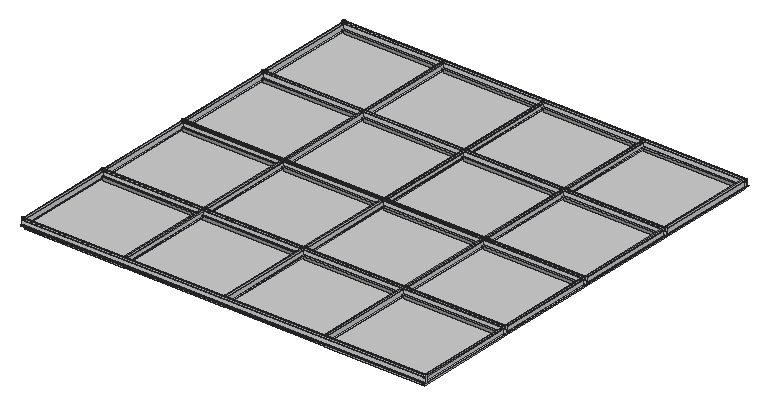
Revit family "GRD-TLE-021_TILE 001_RFA", category Modelos genéricos, Revit 2022 (continued)
Forms (in)
  Extrusion 332, solid, not visible
    sketch origin (48.02754, 106.90856, 0) x (1, 0, 0) y (0, 0, 1)
      loop
        arc (0.44023, 1.66266) -> (0.45258, 1.69248) -> (0.4824, 1.70483) r 0.04217
        line (0.4824, 1.70483) -> (0.52333, 1.70483)
        arc (0.52333, 1.70483) -> (0.54049, 1.71194) -> (0.54761, 1.7291) r 0.02428
        line (0.54761, 1.7291) -> (0.54761, 2.15016) -> (0.45704, 2.24072)
        arc (0.45704, 2.24072) -> (0.44027, 2.24767) -> (0.42351, 2.24072) r 0.02371
        line (0.42351, 2.24072) -> (0.33294, 2.15016) -> (0.33294, 1.7291)
    from 58.93614 to 81.99864
  Extrusion 333, solid, not visible
    sketch origin (72.02767, 106.90856, 0) x (1, 0, 0) y (0, 0, 1)
      loop
        line (0.42221, 1.66259) -> (0.42231, 0.67354)
        arc (0.42231, 0.67354) -> (0.41009, 0.64403) -> (0.38057, 0.6318) r 0.04174
        line (0.38057, 0.6318) -> (-0.00639, 0.6318) -> (-0.00639, 0.59057) -> (0.8874, 0.59057) -> (0.8874, 0.6318) -> (0.49998, 0.6318)
        arc (0.49998, 0.6318) -> (0.47046, 0.64403) -> (0.45824, 0.67354) r 0.04174
        line (0.45824, 0.67354) -> (0.45834, 1.66259)
        arc (0.45834, 1.66259) -> (0.46543, 1.67969) -> (0.48252, 1.68677) r 0.02418
        line (0.48252, 1.68677) -> (0.52252, 1.68677)
        arc (0.52252, 1.68677) -> (0.55303, 1.69941) -> (0.56566, 1.72991) r 0.04314
        line (0.56566, 1.72991) -> (0.56566, 2.14095)
        arc (0.56566, 2.14095) -> (0.5626, 2.15637) -> (0.55386, 2.16944) r 0.04029
        line (0.55386, 2.16944) -> (0.47053, 2.25277)
        arc (0.47053, 2.25277) -> (0.44027, 2.2653) -> (0.41002, 2.25277) r 0.04279
        line (0.41002, 2.25277) -> (0.32669, 2.16944)
        arc (0.32669, 2.16944) -> (0.31795, 2.15637) -> (0.31489, 2.14095) r 0.04029
        line (0.31489, 2.14095) -> (0.31489, 1.72991)
        arc (0.31489, 1.72991) -> (0.32752, 1.69941) -> (0.35803, 1.68677) r 0.04314
        line (0.35803, 1.68677) -> (0.39803, 1.68677)
        arc (0.39803, 1.68677) -> (0.41512, 1.67969) -> (0.42221, 1.66259) r 0.02418
      loop
        arc (0.33294, 1.7291) -> (0.34005, 1.71194) -> (0.35722, 1.70483) r 0.02428
        line (0.35722, 1.70483) -> (0.39815, 1.70483)
        arc (0.39815, 1.70483) -> (0.42797, 1.69248) -> (0.44023, 1.66266) r 0.04217
        arc (0.44023, 1.66266) -> (0.45258, 1.69248) -> (0.4824, 1.70483) r 0.04217
        line (0.4824, 1.70483) -> (0.52333, 1.70483)
        arc (0.52333, 1.70483) -> (0.54049, 1.71194) -> (0.54761, 1.7291) r 0.02428
        line (0.54761, 1.7291) -> (0.54761, 2.15016) -> (0.45704, 2.24072)
        arc (0.45704, 2.24072) -> (0.44027, 2.24767) -> (0.42351, 2.24072) r 0.02371
        line (0.42351, 2.24072) -> (0.33294, 2.15016) -> (0.33294, 1.7291)
    from 58.93614 to 81.99864
  Extrusion 334, solid, not visible
    sketch origin (96.02767, 106.90856, 0) x (1, 0, 0) y (0, 0, 1)
      loop
        line (0.42221, 1.66259) -> (0.42231, 0.67354)
        arc (0.42231, 0.67354) -> (0.41009, 0.64403) -> (0.38057, 0.6318) r 0.04174
        line (0.38057, 0.6318) -> (-0.00639, 0.6318) -> (-0.00639, 0.59057) -> (0.8874, 0.59057) -> (0.8874, 0.6318) -> (0.49998, 0.6318)
        arc (0.49998, 0.6318) -> (0.47046, 0.64403) -> (0.45824, 0.67354) r 0.04174
        line (0.45824, 0.67354) -> (0.45834, 1.66259)
        arc (0.45834, 1.66259) -> (0.46543, 1.67969) -> (0.48252, 1.68677) r 0.02418
        line (0.48252, 1.68677) -> (0.52252, 1.68677)
        arc (0.52252, 1.68677) -> (0.55303, 1.69941) -> (0.56566, 1.72991) r 0.04314
        line (0.56566, 1.72991) -> (0.56566, 2.14095)
        arc (0.56566, 2.14095) -> (0.5626, 2.15637) -> (0.55386, 2.16944) r 0.04029
        line (0.55386, 2.16944) -> (0.47053, 2.25277)
        arc (0.47053, 2.25277) -> (0.44027, 2.2653) -> (0.41002, 2.25277) r 0.04279
        line (0.41002, 2.25277) -> (0.32669, 2.16944)
        arc (0.32669, 2.16944) -> (0.31795, 2.15637) -> (0.31489, 2.14095) r 0.04029
        line (0.31489, 2.14095) -> (0.31489, 1.72991)
        arc (0.31489, 1.72991) -> (0.32752, 1.69941) -> (0.35803, 1.68677) r 0.04314
        line (0.35803, 1.68677) -> (0.39803, 1.68677)
        arc (0.39803, 1.68677) -> (0.41512, 1.67969) -> (0.42221, 1.66259) r 0.02418
      loop
        arc (0.33294, 1.7291) -> (0.34005, 1.71194) -> (0.35722, 1.70483) r 0.02428
        line (0.35722, 1.70483) -> (0.39815, 1.70483)
        arc (0.39815, 1.70483) -> (0.42797, 1.69248) -> (0.44023, 1.66266) r 0.04217
        arc (0.44023, 1.66266) -> (0.45258, 1.69248) -> (0.4824, 1.70483) r 0.04217
        line (0.4824, 1.70483) -> (0.52333, 1.70483)
        arc (0.52333, 1.70483) -> (0.54049, 1.71194) -> (0.54761, 1.7291) r 0.02428
        line (0.54761, 1.7291) -> (0.54761, 2.15016) -> (0.45704, 2.24072)
        arc (0.45704, 2.24072) -> (0.44027, 2.24767) -> (0.42351, 2.24072) r 0.02371
        line (0.42351, 2.24072) -> (0.33294, 2.15016) -> (0.33294, 1.7291)
    from 58.93614 to 81.99864
  Extrusion 335, solid, not visible
    sketch origin (24.02767, 106.90856, 0) x (1, 0, 0) y (0, 0, 1)
      loop
        line (0.42221, 1.66259) -> (0.42231, 0.67354)
        arc (0.42231, 0.67354) -> (0.41009, 0.64403) -> (0.38057, 0.6318) r 0.04174
        line (0.38057, 0.6318) -> (-0.00639, 0.6318) -> (-0.00639, 0.59057) -> (0.8874, 0.59057) -> (0.8874, 0.6318) -> (0.49998, 0.6318)
        arc (0.49998, 0.6318) -> (0.47046, 0.64403) -> (0.45824, 0.67354) r 0.04174
        line (0.45824, 0.67354) -> (0.45834, 1.66259)
        arc (0.45834, 1.66259) -> (0.46543, 1.67969) -> (0.48252, 1.68677) r 0.02418
        line (0.48252, 1.68677) -> (0.52252, 1.68677)
        arc (0.52252, 1.68677) -> (0.55303, 1.69941) -> (0.56566, 1.72991) r 0.04314
        line (0.56566, 1.72991) -> (0.56566, 2.14095)
        arc (0.56566, 2.14095) -> (0.5626, 2.15637) -> (0.55386, 2.16944) r 0.04029
        line (0.55386, 2.16944) -> (0.47053, 2.25277)
        arc (0.47053, 2.25277) -> (0.44027, 2.2653) -> (0.41002, 2.25277) r 0.04279
        line (0.41002, 2.25277) -> (0.32669, 2.16944)
        arc (0.32669, 2.16944) -> (0.31795, 2.15637) -> (0.31489, 2.14095) r 0.04029
        line (0.31489, 2.14095) -> (0.31489, 1.72991)
        arc (0.31489, 1.72991) -> (0.32752, 1.69941) -> (0.35803, 1.68677) r 0.04314
        line (0.35803, 1.68677) -> (0.39803, 1.68677)
        arc (0.39803, 1.68677) -> (0.41512, 1.67969) -> (0.42221, 1.66259) r 0.02418
      loop
        arc (0.33294, 1.7291) -> (0.34005, 1.71194) -> (0.35722, 1.70483) r 0.02428
        line (0.35722, 1.70483) -> (0.39815, 1.70483)
        arc (0.39815, 1.70483) -> (0.42797, 1.69248) -> (0.44023, 1.66266) r 0.04217
        arc (0.44023, 1.66266) -> (0.45258, 1.69248) -> (0.4824, 1.70483) r 0.04217
        line (0.4824, 1.70483) -> (0.52333, 1.70483)
        arc (0.52333, 1.70483) -> (0.54049, 1.71194) -> (0.54761, 1.7291) r 0.02428
        line (0.54761, 1.7291) -> (0.54761, 2.15016) -> (0.45704, 2.24072)
        arc (0.45704, 2.24072) -> (0.44027, 2.24767) -> (0.42351, 2.24072) r 0.02371
        line (0.42351, 2.24072) -> (0.33294, 2.15016) -> (0.33294, 1.7291)
    from 58.93614 to 81.99864
  Extrusion 336, solid, not visible
    sketch origin (0.02767, 106.90856, 0) x (1, 0, 0) y (0, 0, 1)
      loop
        line (0.42221, 1.66259) -> (0.42231, 0.67354)
        arc (0.42231, 0.67354) -> (0.41009, 0.64403) -> (0.38057, 0.6318) r 0.04174
        line (0.38057, 0.6318) -> (-0.00639, 0.6318) -> (-0.00639, 0.59057) -> (0.8874, 0.59057) -> (0.8874, 0.6318) -> (0.49998, 0.6318)
        arc (0.49998, 0.6318) -> (0.47046, 0.64403) -> (0.45824, 0.67354) r 0.04174
        line (0.45824, 0.67354) -> (0.45834, 1.66259)
        arc (0.45834, 1.66259) -> (0.46543, 1.67969) -> (0.48252, 1.68677) r 0.02418
        line (0.48252, 1.68677) -> (0.52252, 1.68677)
        arc (0.52252, 1.68677) -> (0.55303, 1.69941) -> (0.56566, 1.72991) r 0.04314
        line (0.56566, 1.72991) -> (0.56566, 2.14095)
        arc (0.56566, 2.14095) -> (0.5626, 2.15637) -> (0.55386, 2.16944) r 0.04029
        line (0.55386, 2.16944) -> (0.47053, 2.25277)
        arc (0.47053, 2.25277) -> (0.44027, 2.2653) -> (0.41002, 2.25277) r 0.04279
        line (0.41002, 2.25277) -> (0.32669, 2.16944)
        arc (0.32669, 2.16944) -> (0.31795, 2.15637) -> (0.31489, 2.14095) r 0.04029
        line (0.31489, 2.14095) -> (0.31489, 1.72991)
        arc (0.31489, 1.72991) -> (0.32752, 1.69941) -> (0.35803, 1.68677) r 0.04314
        line (0.35803, 1.68677) -> (0.39803, 1.68677)
        arc (0.39803, 1.68677) -> (0.41512, 1.67969) -> (0.42221, 1.66259) r 0.02418
      loop
        arc (0.33294, 1.7291) -> (0.34005, 1.71194) -> (0.35722, 1.70483) r 0.02428
        line (0.35722, 1.70483) -> (0.39815, 1.70483)
        arc (0.39815, 1.70483) -> (0.42797, 1.69248) -> (0.44023, 1.66266) r 0.04217
        arc (0.44023, 1.66266) -> (0.45258, 1.69248) -> (0.4824, 1.70483) r 0.04217
        line (0.4824, 1.70483) -> (0.52333, 1.70483)
        arc (0.52333, 1.70483) -> (0.54049, 1.71194) -> (0.54761, 1.7291) r 0.02428
        line (0.54761, 1.7291) -> (0.54761, 2.15016) -> (0.45704, 2.24072)
        arc (0.45704, 2.24072) -> (0.44027, 2.24767) -> (0.42351, 2.24072) r 0.02371
        line (0.42351, 2.24072) -> (0.33294, 2.15016) -> (0.33294, 1.7291)
    from 58.93614 to 81.99864
  Extrusion 337, solid, not visible
    sketch origin (48.02754, 82.90856, 0) x (1, 0, 0) y (0, 0, 1)
      loop
        line (0.42221, 1.66259) -> (0.42231, 0.67354)
        arc (0.42231, 0.67354) -> (0.41009, 0.64403) -> (0.38057, 0.6318) r 0.04174
        line (0.38057, 0.6318) -> (-0.00639, 0.6318) -> (-0.00639, 0.59057) -> (0.8874, 0.59057) -> (0.8874, 0.6318) -> (0.49998, 0.6318)
        arc (0.49998, 0.6318) -> (0.47046, 0.64403) -> (0.45824, 0.67354) r 0.04174
        line (0.45824, 0.67354) -> (0.45834, 1.66259)
        arc (0.45834, 1.66259) -> (0.46543, 1.67969) -> (0.48252, 1.68677) r 0.02418
        line (0.48252, 1.68677) -> (0.52252, 1.68677)
        arc (0.52252, 1.68677) -> (0.55303, 1.69941) -> (0.56566, 1.72991) r 0.04314
        line (0.56566, 1.72991) -> (0.56566, 2.14095)
        arc (0.56566, 2.14095) -> (0.5626, 2.15637) -> (0.55386, 2.16944) r 0.04029
        line (0.55386, 2.16944) -> (0.47053, 2.25277)
        arc (0.47053, 2.25277) -> (0.44027, 2.2653) -> (0.41002, 2.25277) r 0.04279
        line (0.41002, 2.25277) -> (0.32669, 2.16944)
        arc (0.32669, 2.16944) -> (0.31795, 2.15637) -> (0.31489, 2.14095) r 0.04029
        line (0.31489, 2.14095) -> (0.31489, 1.72991)
        arc (0.31489, 1.72991) -> (0.32752, 1.69941) -> (0.35803, 1.68677) r 0.04314
        line (0.35803, 1.68677) -> (0.39803, 1.68677)
        arc (0.39803, 1.68677) -> (0.41512, 1.67969) -> (0.42221, 1.66259) r 0.02418
      loop
        arc (0.33294, 1.7291) -> (0.34005, 1.71194) -> (0.35722, 1.70483) r 0.02428
        line (0.35722, 1.70483) -> (0.39815, 1.70483)
        arc (0.39815, 1.70483) -> (0.42797, 1.69248) -> (0.44023, 1.66266) r 0.04217
        arc (0.44023, 1.66266) -> (0.45258, 1.69248) -> (0.4824, 1.70483) r 0.04217
        line (0.4824, 1.70483) -> (0.52333, 1.70483)
        arc (0.52333, 1.70483) -> (0.54049, 1.71194) -> (0.54761, 1.7291) r 0.02428
        line (0.54761, 1.7291) -> (0.54761, 2.15016) -> (0.45704, 2.24072)
        arc (0.45704, 2.24072) -> (0.44027, 2.24767) -> (0.42351, 2.24072) r 0.02371
        line (0.42351, 2.24072) -> (0.33294, 2.15016) -> (0.33294, 1.7291)
    from 58.93614 to 81.99864
  Extrusion 338, solid, not visible
    sketch origin (72.02767, 82.90856, 0) x (1, 0, 0) y (0, 0, 1)
      loop
        line (0.42221, 1.66259) -> (0.42231, 0.67354)
        arc (0.42231, 0.67354) -> (0.41009, 0.64403) -> (0.38057, 0.6318) r 0.04174
        line (0.38057, 0.6318) -> (-0.00639, 0.6318) -> (-0.00639, 0.59057) -> (0.8874, 0.59057) -> (0.8874, 0.6318) -> (0.49998, 0.6318)
        arc (0.49998, 0.6318) -> (0.47046, 0.64403) -> (0.45824, 0.67354) r 0.04174
        line (0.45824, 0.67354) -> (0.45834, 1.66259)
        arc (0.45834, 1.66259) -> (0.46543, 1.67969) -> (0.48252, 1.68677) r 0.02418
        line (0.48252, 1.68677) -> (0.52252, 1.68677)
        arc (0.52252, 1.68677) -> (0.55303, 1.69941) -> (0.56566, 1.72991) r 0.04314
        line (0.56566, 1.72991) -> (0.56566, 2.14095)
        arc (0.56566, 2.14095) -> (0.5626, 2.15637) -> (0.55386, 2.16944) r 0.04029
        line (0.55386, 2.16944) -> (0.47053, 2.25277)
        arc (0.47053, 2.25277) -> (0.44027, 2.2653) -> (0.41002, 2.25277) r 0.04279
        line (0.41002, 2.25277) -> (0.32669, 2.16944)
        arc (0.32669, 2.16944) -> (0.31795, 2.15637) -> (0.31489, 2.14095) r 0.04029
        line (0.31489, 2.14095) -> (0.31489, 1.72991)
        arc (0.31489, 1.72991) -> (0.32752, 1.69941) -> (0.35803, 1.68677) r 0.04314
        line (0.35803, 1.68677) -> (0.39803, 1.68677)
        arc (0.39803, 1.68677) -> (0.41512, 1.67969) -> (0.42221, 1.66259) r 0.02418
      loop
        arc (0.33294, 1.7291) -> (0.34005, 1.71194) -> (0.35722, 1.70483) r 0.02428
        line (0.35722, 1.70483) -> (0.39815, 1.70483)
        arc (0.39815, 1.70483) -> (0.42797, 1.69248) -> (0.44023, 1.66266) r 0.04217
        arc (0.44023, 1.66266) -> (0.45258, 1.69248) -> (0.4824, 1.70483) r 0.04217
        line (0.4824, 1.70483) -> (0.52333, 1.70483)
        arc (0.52333, 1.70483) -> (0.54049, 1.71194) -> (0.54761, 1.7291) r 0.02428
        line (0.54761, 1.7291) -> (0.54761, 2.15016) -> (0.45704, 2.24072)
        arc (0.45704, 2.24072) -> (0.44027, 2.24767) -> (0.42351, 2.24072) r 0.02371
        line (0.42351, 2.24072) -> (0.33294, 2.15016) -> (0.33294, 1.7291)
    from 58.93614 to 81.99864
  Extrusion 339, solid, not visible
    sketch origin (96.02767, 82.90856, 0) x (1, 0, 0) y (0, 0, 1)
      loop
        line (0.42221, 1.66259) -> (0.42231, 0.67354)
        arc (0.42231, 0.67354) -> (0.41009, 0.64403) -> (0.38057, 0.6318) r 0.04174
        line (0.38057, 0.6318) -> (-0.00639, 0.6318) -> (-0.00639, 0.59057) -> (0.8874, 0.59057) -> (0.8874, 0.6318) -> (0.49998, 0.6318)
        arc (0.49998, 0.6318) -> (0.47046, 0.64403) -> (0.45824, 0.67354) r 0.04174
        line (0.45824, 0.67354) -> (0.45834, 1.66259)
        arc (0.45834, 1.66259) -> (0.46543, 1.67969) -> (0.48252, 1.68677) r 0.02418
        line (0.48252, 1.68677) -> (0.52252, 1.68677)
        arc (0.52252, 1.68677) -> (0.55303, 1.69941) -> (0.56566, 1.72991) r 0.04314
        line (0.56566, 1.72991) -> (0.56566, 2.14095)
        arc (0.56566, 2.14095) -> (0.5626, 2.15637) -> (0.55386, 2.16944) r 0.04029
        line (0.55386, 2.16944) -> (0.47053, 2.25277)
        arc (0.47053, 2.25277) -> (0.44027, 2.2653) -> (0.41002, 2.25277) r 0.04279
        line (0.41002, 2.25277) -> (0.32669, 2.16944)
        arc (0.32669, 2.16944) -> (0.31795, 2.15637) -> (0.31489, 2.14095) r 0.04029
        line (0.31489, 2.14095) -> (0.31489, 1.72991)
        arc (0.31489, 1.72991) -> (0.32752, 1.69941) -> (0.35803, 1.68677) r 0.04314
        line (0.35803, 1.68677) -> (0.39803, 1.68677)
        arc (0.39803, 1.68677) -> (0.41512, 1.67969) -> (0.42221, 1.66259) r 0.02418
      loop
        arc (0.33294, 1.7291) -> (0.34005, 1.71194) -> (0.35722, 1.70483) r 0.02428
        line (0.35722, 1.70483) -> (0.39815, 1.70483)
        arc (0.39815, 1.70483) -> (0.42797, 1.69248) -> (0.44023, 1.66266) r 0.04217
        arc (0.44023, 1.66266) -> (0.45258, 1.69248) -> (0.4824, 1.70483) r 0.04217
        line (0.4824, 1.70483) -> (0.52333, 1.70483)
        arc (0.52333, 1.70483) -> (0.54049, 1.71194) -> (0.54761, 1.7291) r 0.02428
        line (0.54761, 1.7291) -> (0.54761, 2.15016) -> (0.45704, 2.24072)
        arc (0.45704, 2.24072) -> (0.44027, 2.24767) -> (0.42351, 2.24072) r 0.02371
        line (0.42351, 2.24072) -> (0.33294, 2.15016) -> (0.33294, 1.7291)
    from 58.93614 to 81.99864
  Extrusion 340, solid, not visible
    sketch origin (24.02767, 82.90856, 0) x (1, 0, 0) y (0, 0, 1)
      loop
        line (0.42221, 1.66259) -> (0.42231, 0.67354)
        arc (0.42231, 0.67354) -> (0.41009, 0.64403) -> (0.38057, 0.6318) r 0.04174
        line (0.38057, 0.6318) -> (-0.00639, 0.6318) -> (-0.00639, 0.59057) -> (0.8874, 0.59057) -> (0.8874, 0.6318) -> (0.49998, 0.6318)
        arc (0.49998, 0.6318) -> (0.47046, 0.64403) -> (0.45824, 0.67354) r 0.04174
        line (0.45824, 0.67354) -> (0.45834, 1.66259)
        arc (0.45834, 1.66259) -> (0.46543, 1.67969) -> (0.48252, 1.68677) r 0.02418
        line (0.48252, 1.68677) -> (0.52252, 1.68677)
        arc (0.52252, 1.68677) -> (0.55303, 1.69941) -> (0.56566, 1.72991) r 0.04314
        line (0.56566, 1.72991) -> (0.56566, 2.14095)
        arc (0.56566, 2.14095) -> (0.5626, 2.15637) -> (0.55386, 2.16944) r 0.04029
        line (0.55386, 2.16944) -> (0.47053, 2.25277)
        arc (0.47053, 2.25277) -> (0.44027, 2.2653) -> (0.41002, 2.25277) r 0.04279
        line (0.41002, 2.25277) -> (0.32669, 2.16944)
        arc (0.32669, 2.16944) -> (0.31795, 2.15637) -> (0.31489, 2.14095) r 0.04029
        line (0.31489, 2.14095) -> (0.31489, 1.72991)
        arc (0.31489, 1.72991) -> (0.32752, 1.69941) -> (0.35803, 1.68677) r 0.04314
        line (0.35803, 1.68677) -> (0.39803, 1.68677)
        arc (0.39803, 1.68677) -> (0.41512, 1.67969) -> (0.42221, 1.66259) r 0.02418
      loop
        arc (0.33294, 1.7291) -> (0.34005, 1.71194) -> (0.35722, 1.70483) r 0.02428
        line (0.35722, 1.70483) -> (0.39815, 1.70483)
        arc (0.39815, 1.70483) -> (0.42797, 1.69248) -> (0.44023, 1.66266) r 0.04217
        arc (0.44023, 1.66266) -> (0.45258, 1.69248) -> (0.4824, 1.70483) r 0.04217
        line (0.4824, 1.70483) -> (0.52333, 1.70483)
        arc (0.52333, 1.70483) -> (0.54049, 1.71194) -> (0.54761, 1.7291) r 0.02428
        line (0.54761, 1.7291) -> (0.54761, 2.15016) -> (0.45704, 2.24072)
        arc (0.45704, 2.24072) -> (0.44027, 2.24767) -> (0.42351, 2.24072) r 0.02371
        line (0.42351, 2.24072) -> (0.33294, 2.15016) -> (0.33294, 1.7291)
    from 58.93614 to 81.99864
  Extrusion 341, solid, not visible
    sketch origin (0.02767, 82.90856, 0) x (1, 0, 0) y (0, 0, 1)
      loop
        line (0.42221, 1.66259) -> (0.42231, 0.67354)
        arc (0.42231, 0.67354) -> (0.41009, 0.64403) -> (0.38057, 0.6318) r 0.04174
        line (0.38057, 0.6318) -> (-0.00639, 0.6318) -> (-0.00639, 0.59057) -> (0.8874, 0.59057) -> (0.8874, 0.6318) -> (0.49998, 0.6318)
        arc (0.49998, 0.6318) -> (0.47046, 0.64403) -> (0.45824, 0.67354) r 0.04174
        line (0.45824, 0.67354) -> (0.45834, 1.66259)
        arc (0.45834, 1.66259) -> (0.46543, 1.67969) -> (0.48252, 1.68677) r 0.02418
        line (0.48252, 1.68677) -> (0.52252, 1.68677)
        arc (0.52252, 1.68677) -> (0.55303, 1.69941) -> (0.56566, 1.72991) r 0.04314
        line (0.56566, 1.72991) -> (0.56566, 2.14095)
        arc (0.56566, 2.14095) -> (0.5626, 2.15637) -> (0.55386, 2.16944) r 0.04029
        line (0.55386, 2.16944) -> (0.47053, 2.25277)
        arc (0.47053, 2.25277) -> (0.44027, 2.2653) -> (0.41002, 2.25277) r 0.04279
        line (0.41002, 2.25277) -> (0.32669, 2.16944)
        arc (0.32669, 2.16944) -> (0.31795, 2.15637) -> (0.31489, 2.14095) r 0.04029
        line (0.31489, 2.14095) -> (0.31489, 1.72991)
        arc (0.31489, 1.72991) -> (0.32752, 1.69941) -> (0.35803, 1.68677) r 0.04314
        line (0.35803, 1.68677) -> (0.39803, 1.68677)
        arc (0.39803, 1.68677) -> (0.41512, 1.67969) -> (0.42221, 1.66259) r 0.02418
      loop
        arc (0.33294, 1.7291) -> (0.34005, 1.71194) -> (0.35722, 1.70483) r 0.02428
        line (0.35722, 1.70483) -> (0.39815, 1.70483)
        arc (0.39815, 1.70483) -> (0.42797, 1.69248) -> (0.44023, 1.66266) r 0.04217
        arc (0.44023, 1.66266) -> (0.45258, 1.69248) -> (0.4824, 1.70483) r 0.04217
        line (0.4824, 1.70483) -> (0.52333, 1.70483)
        arc (0.52333, 1.70483) -> (0.54049, 1.71194) -> (0.54761, 1.7291) r 0.02428
        line (0.54761, 1.7291) -> (0.54761, 2.15016) -> (0.45704, 2.24072)
        arc (0.45704, 2.24072) -> (0.44027, 2.24767) -> (0.42351, 2.24072) r 0.02371
        line (0.42351, 2.24072) -> (0.33294, 2.15016) -> (0.33294, 1.7291)
    from 58.93614 to 81.99864
  Extrusion 342, solid, not visible
    sketch origin (0, 0, 0) x (0, 1, 0) y (0, 0, 1)
      loop
        line (0.42221, 1.66259) -> (0.42231, 0.67354)
        arc (0.42231, 0.67354) -> (0.41009, 0.64403) -> (0.38057, 0.6318) r 0.04174
        line (0.38057, 0.6318) -> (-0.00639, 0.6318) -> (-0.00639, 0.59057) -> (0.8874, 0.59057) -> (0.8874, 0.6318) -> (0.49998, 0.6318)
        arc (0.49998, 0.6318) -> (0.47046, 0.64403) -> (0.45824, 0.67354) r 0.04174
        line (0.45824, 0.67354) -> (0.45834, 1.66259)
        arc (0.45834, 1.66259) -> (0.46543, 1.67969) -> (0.48252, 1.68677) r 0.02418
        line (0.48252, 1.68677) -> (0.52252, 1.68677)
        arc (0.52252, 1.68677) -> (0.55303, 1.69941) -> (0.56566, 1.72991) r 0.04314
        line (0.56566, 1.72991) -> (0.56566, 2.14095)
        arc (0.56566, 2.14095) -> (0.5626, 2.15637) -> (0.55386, 2.16944) r 0.04029
        line (0.55386, 2.16944) -> (0.47053, 2.25277)
        arc (0.47053, 2.25277) -> (0.44027, 2.2653) -> (0.41002, 2.25277) r 0.04279
        line (0.41002, 2.25277) -> (0.32669, 2.16944)
        arc (0.32669, 2.16944) -> (0.31795, 2.15637) -> (0.31489, 2.14095) r 0.04029
        line (0.31489, 2.14095) -> (0.31489, 1.72991)
        arc (0.31489, 1.72991) -> (0.32752, 1.69941) -> (0.35803, 1.68677) r 0.04314
        line (0.35803, 1.68677) -> (0.39803, 1.68677)
        arc (0.39803, 1.68677) -> (0.41512, 1.67969) -> (0.42221, 1.66259) r 0.02418
      loop
        arc (0.33294, 1.7291) -> (0.34005, 1.71194) -> (0.35722, 1.70483) r 0.02428
        line (0.35722, 1.70483) -> (0.39815, 1.70483)
        arc (0.39815, 1.70483) -> (0.42797, 1.69248) -> (0.44023, 1.66266) r 0.04217
        arc (0.44023, 1.66266) -> (0.45258, 1.69248) -> (0.4824, 1.70483) r 0.04217
        line (0.4824, 1.70483) -> (0.52333, 1.70483)
        arc (0.52333, 1.70483) -> (0.54049, 1.71194) -> (0.54761, 1.7291) r 0.02428
        line (0.54761, 1.7291) -> (0.54761, 2.15016) -> (0.45704, 2.24072)
        arc (0.45704, 2.24072) -> (0.44027, 2.24767) -> (0.42351, 2.24072) r 0.02371
        line (0.42351, 2.24072) -> (0.33294, 2.15016) -> (0.33294, 1.7291)
    from 0 to 96.9361
  Extrusion 343, solid, not visible
    sketch origin (0, 24, 0) x (0, 1, 0) y (0, 0, 1)
      loop
        line (0.42221, 1.66259) -> (0.42231, 0.67354)
        arc (0.42231, 0.67354) -> (0.41009, 0.64403) -> (0.38057, 0.6318) r 0.04174
        line (0.38057, 0.6318) -> (-0.00639, 0.6318) -> (-0.00639, 0.59057) -> (0.8874, 0.59057) -> (0.8874, 0.6318) -> (0.49998, 0.6318)
        arc (0.49998, 0.6318) -> (0.47046, 0.64403) -> (0.45824, 0.67354) r 0.04174
        line (0.45824, 0.67354) -> (0.45834, 1.66259)
        arc (0.45834, 1.66259) -> (0.46543, 1.67969) -> (0.48252, 1.68677) r 0.02418
        line (0.48252, 1.68677) -> (0.52252, 1.68677)
        arc (0.52252, 1.68677) -> (0.55303, 1.69941) -> (0.56566, 1.72991) r 0.04314
        line (0.56566, 1.72991) -> (0.56566, 2.14095)
        arc (0.56566, 2.14095) -> (0.5626, 2.15637) -> (0.55386, 2.16944) r 0.04029
        line (0.55386, 2.16944) -> (0.47053, 2.25277)
        arc (0.47053, 2.25277) -> (0.44027, 2.2653) -> (0.41002, 2.25277) r 0.04279
        line (0.41002, 2.25277) -> (0.32669, 2.16944)
        arc (0.32669, 2.16944) -> (0.31795, 2.15637) -> (0.31489, 2.14095) r 0.04029
        line (0.31489, 2.14095) -> (0.31489, 1.72991)
        arc (0.31489, 1.72991) -> (0.32752, 1.69941) -> (0.35803, 1.68677) r 0.04314
        line (0.35803, 1.68677) -> (0.39803, 1.68677)
        arc (0.39803, 1.68677) -> (0.41512, 1.67969) -> (0.42221, 1.66259) r 0.02418
      loop
        arc (0.33294, 1.7291) -> (0.34005, 1.71194) -> (0.35722, 1.70483) r 0.02428
        line (0.35722, 1.70483) -> (0.39815, 1.70483)
        arc (0.39815, 1.70483) -> (0.42797, 1.69248) -> (0.44023, 1.66266) r 0.04217
        arc (0.44023, 1.66266) -> (0.45258, 1.69248) -> (0.4824, 1.70483) r 0.04217
        line (0.4824, 1.70483) -> (0.52333, 1.70483)
        arc (0.52333, 1.70483) -> (0.54049, 1.71194) -> (0.54761, 1.7291) r 0.02428
        line (0.54761, 1.7291) -> (0.54761, 2.15016) -> (0.45704, 2.24072)
        arc (0.45704, 2.24072) -> (0.44027, 2.24767) -> (0.42351, 2.24072) r 0.02371
        line (0.42351, 2.24072) -> (0.33294, 2.15016) -> (0.33294, 1.7291)
    from 0 to 96.9361
  Extrusion 344, solid, not visible
    sketch origin (0, 48, 0) x (0, 1, 0) y (0, 0, 1)
      loop
        line (0.42221, 1.66259) -> (0.42231, 0.67354)
        arc (0.42231, 0.67354) -> (0.41009, 0.64403) -> (0.38057, 0.6318) r 0.04174
        line (0.38057, 0.6318) -> (-0.00639, 0.6318) -> (-0.00639, 0.59057) -> (0.8874, 0.59057) -> (0.8874, 0.6318) -> (0.49998, 0.6318)
        arc (0.49998, 0.6318) -> (0.47046, 0.64403) -> (0.45824, 0.67354) r 0.04174
        line (0.45824, 0.67354) -> (0.45834, 1.66259)
        arc (0.45834, 1.66259) -> (0.46543, 1.67969) -> (0.48252, 1.68677) r 0.02418
        line (0.48252, 1.68677) -> (0.52252, 1.68677)
        arc (0.52252, 1.68677) -> (0.55303, 1.69941) -> (0.56566, 1.72991) r 0.04314
        line (0.56566, 1.72991) -> (0.56566, 2.14095)
        arc (0.56566, 2.14095) -> (0.5626, 2.15637) -> (0.55386, 2.16944) r 0.04029
        line (0.55386, 2.16944) -> (0.47053, 2.25277)
        arc (0.47053, 2.25277) -> (0.44027, 2.2653) -> (0.41002, 2.25277) r 0.04279
        line (0.41002, 2.25277) -> (0.32669, 2.16944)
        arc (0.32669, 2.16944) -> (0.31795, 2.15637) -> (0.31489, 2.14095) r 0.04029
        line (0.31489, 2.14095) -> (0.31489, 1.72991)
        arc (0.31489, 1.72991) -> (0.32752, 1.69941) -> (0.35803, 1.68677) r 0.04314
        line (0.35803, 1.68677) -> (0.39803, 1.68677)
        arc (0.39803, 1.68677) -> (0.41512, 1.67969) -> (0.42221, 1.66259) r 0.02418
      loop
        arc (0.33294, 1.7291) -> (0.34005, 1.71194) -> (0.35722, 1.70483) r 0.02428
        line (0.35722, 1.70483) -> (0.39815, 1.70483)
        arc (0.39815, 1.70483) -> (0.42797, 1.69248) -> (0.44023, 1.66266) r 0.04217
        arc (0.44023, 1.66266) -> (0.45258, 1.69248) -> (0.4824, 1.70483) r 0.04217
        line (0.4824, 1.70483) -> (0.52333, 1.70483)
        arc (0.52333, 1.70483) -> (0.54049, 1.71194) -> (0.54761, 1.7291) r 0.02428
        line (0.54761, 1.7291) -> (0.54761, 2.15016) -> (0.45704, 2.24072)
        arc (0.45704, 2.24072) -> (0.44027, 2.24767) -> (0.42351, 2.24072) r 0.02371
        line (0.42351, 2.24072) -> (0.33294, 2.15016) -> (0.33294, 1.7291)
    from 0 to 96.9361
  Extrusion 345, solid, not visible
    sketch origin (0, 72, 0) x (0, 1, 0) y (0, 0, 1)
      loop
        line (0.42221, 1.66259) -> (0.42231, 0.67354)
        arc (0.42231, 0.67354) -> (0.41009, 0.64403) -> (0.38057, 0.6318) r 0.04174
        line (0.38057, 0.6318) -> (-0.00639, 0.6318) -> (-0.00639, 0.59057) -> (0.8874, 0.59057) -> (0.8874, 0.6318) -> (0.49998, 0.6318)
        arc (0.49998, 0.6318) -> (0.47046, 0.64403) -> (0.45824, 0.67354) r 0.04174
        line (0.45824, 0.67354) -> (0.45834, 1.66259)
        arc (0.45834, 1.66259) -> (0.46543, 1.67969) -> (0.48252, 1.68677) r 0.02418
        line (0.48252, 1.68677) -> (0.52252, 1.68677)
        arc (0.52252, 1.68677) -> (0.55303, 1.69941) -> (0.56566, 1.72991) r 0.04314
        line (0.56566, 1.72991) -> (0.56566, 2.14095)
        arc (0.56566, 2.14095) -> (0.5626, 2.15637) -> (0.55386, 2.16944) r 0.04029
        line (0.55386, 2.16944) -> (0.47053, 2.25277)
        arc (0.47053, 2.25277) -> (0.44027, 2.2653) -> (0.41002, 2.25277) r 0.04279
        line (0.41002, 2.25277) -> (0.32669, 2.16944)
        arc (0.32669, 2.16944) -> (0.31795, 2.15637) -> (0.31489, 2.14095) r 0.04029
        line (0.31489, 2.14095) -> (0.31489, 1.72991)
        arc (0.31489, 1.72991) -> (0.32752, 1.69941) -> (0.35803, 1.68677) r 0.04314
        line (0.35803, 1.68677) -> (0.39803, 1.68677)
        arc (0.39803, 1.68677) -> (0.41512, 1.67969) -> (0.42221, 1.66259) r 0.02418
      loop
        arc (0.33294, 1.7291) -> (0.34005, 1.71194) -> (0.35722, 1.70483) r 0.02428
        line (0.35722, 1.70483) -> (0.39815, 1.70483)
        arc (0.39815, 1.70483) -> (0.42797, 1.69248) -> (0.44023, 1.66266) r 0.04217
        arc (0.44023, 1.66266) -> (0.45258, 1.69248) -> (0.4824, 1.70483) r 0.04217
        line (0.4824, 1.70483) -> (0.52333, 1.70483)
        arc (0.52333, 1.70483) -> (0.54049, 1.71194) -> (0.54761, 1.7291) r 0.02428
        line (0.54761, 1.7291) -> (0.54761, 2.15016) -> (0.45704, 2.24072)
        arc (0.45704, 2.24072) -> (0.44027, 2.24767) -> (0.42351, 2.24072) r 0.02371
        line (0.42351, 2.24072) -> (0.33294, 2.15016) -> (0.33294, 1.7291)
    from 0 to 96.9361
  Extrusion 346, solid, not visible
    sketch origin (0, 96, 0) x (0, 1, 0) y (0, 0, 1)
      loop
        line (0.42221, 1.66259) -> (0.42231, 0.67354)
        arc (0.42231, 0.67354) -> (0.41009, 0.64403) -> (0.38057, 0.6318) r 0.04174
        line (0.38057, 0.6318) -> (-0.00639, 0.6318) -> (-0.00639, 0.59057) -> (0.8874, 0.59057) -> (0.8874, 0.6318) -> (0.49998, 0.6318)
        arc (0.49998, 0.6318) -> (0.47046, 0.64403) -> (0.45824, 0.67354) r 0.04174
        line (0.45824, 0.67354) -> (0.45834, 1.66259)
        arc (0.45834, 1.66259) -> (0.46543, 1.67969) -> (0.48252, 1.68677) r 0.02418
        line (0.48252, 1.68677) -> (0.52252, 1.68677)
        arc (0.52252, 1.68677) -> (0.55303, 1.69941) -> (0.56566, 1.72991) r 0.04314
        line (0.56566, 1.72991) -> (0.56566, 2.14095)
        arc (0.56566, 2.14095) -> (0.5626, 2.15637) -> (0.55386, 2.16944) r 0.04029
        line (0.55386, 2.16944) -> (0.47053, 2.25277)
        arc (0.47053, 2.25277) -> (0.44027, 2.2653) -> (0.41002, 2.25277) r 0.04279
        line (0.41002, 2.25277) -> (0.32669, 2.16944)
        arc (0.32669, 2.16944) -> (0.31795, 2.15637) -> (0.31489, 2.14095) r 0.04029
        line (0.31489, 2.14095) -> (0.31489, 1.72991)
        arc (0.31489, 1.72991) -> (0.32752, 1.69941) -> (0.35803, 1.68677) r 0.04314
        line (0.35803, 1.68677) -> (0.39803, 1.68677)
        arc (0.39803, 1.68677) -> (0.41512, 1.67969) -> (0.42221, 1.66259) r 0.02418
      loop
        arc (0.33294, 1.7291) -> (0.34005, 1.71194) -> (0.35722, 1.70483) r 0.02428
        line (0.35722, 1.70483) -> (0.39815, 1.70483)
        arc (0.39815, 1.70483) -> (0.42797, 1.69248) -> (0.44023, 1.66266) r 0.04217
        arc (0.44023, 1.66266) -> (0.45258, 1.69248) -> (0.4824, 1.70483) r 0.04217
        line (0.4824, 1.70483) -> (0.52333, 1.70483)
        arc (0.52333, 1.70483) -> (0.54049, 1.71194) -> (0.54761, 1.7291) r 0.02428
        line (0.54761, 1.7291) -> (0.54761, 2.15016) -> (0.45704, 2.24072)
        arc (0.45704, 2.24072) -> (0.44027, 2.24767) -> (0.42351, 2.24072) r 0.02371
        line (0.42351, 2.24072) -> (0.33294, 2.15016) -> (0.33294, 1.7291)
    from 0 to 96.9361
  Extrusion 347, solid, not visible
    sketch origin (48.02754, 154.90856, 0) x (1, 0, 0) y (0, 0, 1)
      loop
        line (0.42221, 1.66259) -> (0.42231, 0.67354)
        arc (0.42231, 0.67354) -> (0.41009, 0.64403) -> (0.38057, 0.6318) r 0.04174
        line (0.38057, 0.6318) -> (-0.00639, 0.6318) -> (-0.00639, 0.59057) -> (0.8874, 0.59057) -> (0.8874, 0.6318) -> (0.49998, 0.6318)
        arc (0.49998, 0.6318) -> (0.47046, 0.64403) -> (0.45824, 0.67354) r 0.04174
        line (0.45824, 0.67354) -> (0.45834, 1.66259)
        arc (0.45834, 1.66259) -> (0.46543, 1.67969) -> (0.48252, 1.68677) r 0.02418
        line (0.48252, 1.68677) -> (0.52252, 1.68677)
        arc (0.52252, 1.68677) -> (0.55303, 1.69941) -> (0.56566, 1.72991) r 0.04314
        line (0.56566, 1.72991) -> (0.56566, 2.14095)
        arc (0.56566, 2.14095) -> (0.5626, 2.15637) -> (0.55386, 2.16944) r 0.04029
        line (0.55386, 2.16944) -> (0.47053, 2.25277)
        arc (0.47053, 2.25277) -> (0.44027, 2.2653) -> (0.41002, 2.25277) r 0.04279
        line (0.41002, 2.25277) -> (0.32669, 2.16944)
        arc (0.32669, 2.16944) -> (0.31795, 2.15637) -> (0.31489, 2.14095) r 0.04029
        line (0.31489, 2.14095) -> (0.31489, 1.72991)
        arc (0.31489, 1.72991) -> (0.32752, 1.69941) -> (0.35803, 1.68677) r 0.04314
        line (0.35803, 1.68677) -> (0.39803, 1.68677)
        arc (0.39803, 1.68677) -> (0.41512, 1.67969) -> (0.42221, 1.66259) r 0.02418
      loop
        arc (0.33294, 1.7291) -> (0.34005, 1.71194) -> (0.35722, 1.70483) r 0.02428
        line (0.35722, 1.70483) -> (0.39815, 1.70483)
        arc (0.39815, 1.70483) -> (0.42797, 1.69248) -> (0.44023, 1.66266) r 0.04217
        arc (0.44023, 1.66266) -> (0.45258, 1.69248) -> (0.4824, 1.70483) r 0.04217
        line (0.4824, 1.70483) -> (0.52333, 1.70483)
        arc (0.52333, 1.70483) -> (0.54049, 1.71194) -> (0.54761, 1.7291) r 0.02428
        line (0.54761, 1.7291) -> (0.54761, 2.15016) -> (0.45704, 2.24072)
        arc (0.45704, 2.24072) -> (0.44027, 2.24767) -> (0.42351, 2.24072) r 0.02371
        line (0.42351, 2.24072) -> (0.33294, 2.15016) -> (0.33294, 1.7291)
    from 58.93614 to 81.99864
  Extrusion 348, solid, not visible
    sketch origin (72.02767, 154.90856, 0) x (1, 0, 0) y (0, 0, 1)
      loop
        line (0.42221, 1.66259) -> (0.42231, 0.67354)
        arc (0.42231, 0.67354) -> (0.41009, 0.64403) -> (0.38057, 0.6318) r 0.04174
        line (0.38057, 0.6318) -> (-0.00639, 0.6318) -> (-0.00639, 0.59057) -> (0.8874, 0.59057) -> (0.8874, 0.6318) -> (0.49998, 0.6318)
        arc (0.49998, 0.6318) -> (0.47046, 0.64403) -> (0.45824, 0.67354) r 0.04174
        line (0.45824, 0.67354) -> (0.45834, 1.66259)
        arc (0.45834, 1.66259) -> (0.46543, 1.67969) -> (0.48252, 1.68677) r 0.02418
        line (0.48252, 1.68677) -> (0.52252, 1.68677)
        arc (0.52252, 1.68677) -> (0.55303, 1.69941) -> (0.56566, 1.72991) r 0.04314
        line (0.56566, 1.72991) -> (0.56566, 2.14095)
        arc (0.56566, 2.14095) -> (0.5626, 2.15637) -> (0.55386, 2.16944) r 0.04029
        line (0.55386, 2.16944) -> (0.47053, 2.25277)
        arc (0.47053, 2.25277) -> (0.44027, 2.2653) -> (0.41002, 2.25277) r 0.04279
        line (0.41002, 2.25277) -> (0.32669, 2.16944)
        arc (0.32669, 2.16944) -> (0.31795, 2.15637) -> (0.31489, 2.14095) r 0.04029
        line (0.31489, 2.14095) -> (0.31489, 1.72991)
        arc (0.31489, 1.72991) -> (0.32752, 1.69941) -> (0.35803, 1.68677) r 0.04314
        line (0.35803, 1.68677) -> (0.39803, 1.68677)
        arc (0.39803, 1.68677) -> (0.41512, 1.67969) -> (0.42221, 1.66259) r 0.02418
      loop
        arc (0.33294, 1.7291) -> (0.34005, 1.71194) -> (0.35722, 1.70483) r 0.02428
        line (0.35722, 1.70483) -> (0.39815, 1.70483)
        arc (0.39815, 1.70483) -> (0.42797, 1.69248) -> (0.44023, 1.66266) r 0.04217
        arc (0.44023, 1.66266) -> (0.45258, 1.69248) -> (0.4824, 1.70483) r 0.04217
        line (0.4824, 1.70483) -> (0.52333, 1.70483)
        arc (0.52333, 1.70483) -> (0.54049, 1.71194) -> (0.54761, 1.7291) r 0.02428
        line (0.54761, 1.7291) -> (0.54761, 2.15016) -> (0.45704, 2.24072)
        arc (0.45704, 2.24072) -> (0.44027, 2.24767) -> (0.42351, 2.24072) r 0.02371
        line (0.42351, 2.24072) -> (0.33294, 2.15016) -> (0.33294, 1.7291)
    from 58.93614 to 81.99864
  Extrusion 349, solid, not visible
    sketch origin (96.02767, 154.90856, 0) x (1, 0, 0) y (0, 0, 1)
      loop
        line (0.42221, 1.66259) -> (0.42231, 0.67354)
        arc (0.42231, 0.67354) -> (0.41009, 0.64403) -> (0.38057, 0.6318) r 0.04174
        line (0.38057, 0.6318) -> (-0.00639, 0.6318) -> (-0.00639, 0.59057) -> (0.8874, 0.59057) -> (0.8874, 0.6318) -> (0.49998, 0.6318)
        arc (0.49998, 0.6318) -> (0.47046, 0.64403) -> (0.45824, 0.67354) r 0.04174
        line (0.45824, 0.67354) -> (0.45834, 1.66259)
        arc (0.45834, 1.66259) -> (0.46543, 1.67969) -> (0.48252, 1.68677) r 0.02418
        line (0.48252, 1.68677) -> (0.52252, 1.68677)
        arc (0.52252, 1.68677) -> (0.55303, 1.69941) -> (0.56566, 1.72991) r 0.04314
        line (0.56566, 1.72991) -> (0.56566, 2.14095)
        arc (0.56566, 2.14095) -> (0.5626, 2.15637) -> (0.55386, 2.16944) r 0.04029
        line (0.55386, 2.16944) -> (0.47053, 2.25277)
        arc (0.47053, 2.25277) -> (0.44027, 2.2653) -> (0.41002, 2.25277) r 0.04279
        line (0.41002, 2.25277) -> (0.32669, 2.16944)
        arc (0.32669, 2.16944) -> (0.31795, 2.15637) -> (0.31489, 2.14095) r 0.04029
        line (0.31489, 2.14095) -> (0.31489, 1.72991)
        arc (0.31489, 1.72991) -> (0.32752, 1.69941) -> (0.35803, 1.68677) r 0.04314
        line (0.35803, 1.68677) -> (0.39803, 1.68677)
        arc (0.39803, 1.68677) -> (0.41512, 1.67969) -> (0.42221, 1.66259) r 0.02418
      loop
        arc (0.33294, 1.7291) -> (0.34005, 1.71194) -> (0.35722, 1.70483) r 0.02428
        line (0.35722, 1.70483) -> (0.39815, 1.70483)
        arc (0.39815, 1.70483) -> (0.42797, 1.69248) -> (0.44023, 1.66266) r 0.04217
        arc (0.44023, 1.66266) -> (0.45258, 1.69248) -> (0.4824, 1.70483) r 0.04217
        line (0.4824, 1.70483) -> (0.52333, 1.70483)
        arc (0.52333, 1.70483) -> (0.54049, 1.71194) -> (0.54761, 1.7291) r 0.02428
        line (0.54761, 1.7291) -> (0.54761, 2.15016) -> (0.45704, 2.24072)
        arc (0.45704, 2.24072) -> (0.44027, 2.24767) -> (0.42351, 2.24072) r 0.02371
        line (0.42351, 2.24072) -> (0.33294, 2.15016) -> (0.33294, 1.7291)
    from 58.93614 to 81.99864
  Extrusion 350, solid, not visible
    sketch origin (24.02767, 154.90856, 0) x (1, 0, 0) y (0, 0, 1)
      loop
        line (0.42221, 1.66259) -> (0.42231, 0.67354)
        arc (0.42231, 0.67354) -> (0.41009, 0.64403) -> (0.38057, 0.6318) r 0.04174
        line (0.38057, 0.6318) -> (-0.00639, 0.6318) -> (-0.00639, 0.59057) -> (0.8874, 0.59057) -> (0.8874, 0.6318) -> (0.49998, 0.6318)
        arc (0.49998, 0.6318) -> (0.47046, 0.64403) -> (0.45824, 0.67354) r 0.04174
        line (0.45824, 0.67354) -> (0.45834, 1.66259)
        arc (0.45834, 1.66259) -> (0.46543, 1.67969) -> (0.48252, 1.68677) r 0.02418
        line (0.48252, 1.68677) -> (0.52252, 1.68677)
        arc (0.52252, 1.68677) -> (0.55303, 1.69941) -> (0.56566, 1.72991) r 0.04314
        line (0.56566, 1.72991) -> (0.56566, 2.14095)
        arc (0.56566, 2.14095) -> (0.5626, 2.15637) -> (0.55386, 2.16944) r 0.04029
        line (0.55386, 2.16944) -> (0.47053, 2.25277)
        arc (0.47053, 2.25277) -> (0.44027, 2.2653) -> (0.41002, 2.25277) r 0.04279
        line (0.41002, 2.25277) -> (0.32669, 2.16944)
        arc (0.32669, 2.16944) -> (0.31795, 2.15637) -> (0.31489, 2.14095) r 0.04029
        line (0.31489, 2.14095) -> (0.31489, 1.72991)
        arc (0.31489, 1.72991) -> (0.32752, 1.69941) -> (0.35803, 1.68677) r 0.04314
        line (0.35803, 1.68677) -> (0.39803, 1.68677)
        arc (0.39803, 1.68677) -> (0.41512, 1.67969) -> (0.42221, 1.66259) r 0.02418
      loop
        arc (0.33294, 1.7291) -> (0.34005, 1.71194) -> (0.35722, 1.70483) r 0.02428
        line (0.35722, 1.70483) -> (0.39815, 1.70483)
        arc (0.39815, 1.70483) -> (0.42797, 1.69248) -> (0.44023, 1.66266) r 0.04217
        arc (0.44023, 1.66266) -> (0.45258, 1.69248) -> (0.4824, 1.70483) r 0.04217
        line (0.4824, 1.70483) -> (0.52333, 1.70483)
        arc (0.52333, 1.70483) -> (0.54049, 1.71194) -> (0.54761, 1.7291) r 0.02428
        line (0.54761, 1.7291) -> (0.54761, 2.15016) -> (0.45704, 2.24072)
        arc (0.45704, 2.24072) -> (0.44027, 2.24767) -> (0.42351, 2.24072) r 0.02371
        line (0.42351, 2.24072) -> (0.33294, 2.15016) -> (0.33294, 1.7291)
    from 58.93614 to 81.99864
  Extrusion 351, solid, not visible
    sketch origin (0.02767, 154.90856, 0) x (1, 0, 0) y (0, 0, 1)
      loop
        line (0.42221, 1.66259) -> (0.42231, 0.67354)
        arc (0.42231, 0.67354) -> (0.41009, 0.64403) -> (0.38057, 0.6318) r 0.04174
        line (0.38057, 0.6318) -> (-0.00639, 0.6318) -> (-0.00639, 0.59057) -> (0.8874, 0.59057) -> (0.8874, 0.6318) -> (0.49998, 0.6318)
        arc (0.49998, 0.6318) -> (0.47046, 0.64403) -> (0.45824, 0.67354) r 0.04174
        line (0.45824, 0.67354) -> (0.45834, 1.66259)
        arc (0.45834, 1.66259) -> (0.46543, 1.67969) -> (0.48252, 1.68677) r 0.02418
        line (0.48252, 1.68677) -> (0.52252, 1.68677)
        arc (0.52252, 1.68677) -> (0.55303, 1.69941) -> (0.56566, 1.72991) r 0.04314
        line (0.56566, 1.72991) -> (0.56566, 2.14095)
        arc (0.56566, 2.14095) -> (0.5626, 2.15637) -> (0.55386, 2.16944) r 0.04029
        line (0.55386, 2.16944) -> (0.47053, 2.25277)
        arc (0.47053, 2.25277) -> (0.44027, 2.2653) -> (0.41002, 2.25277) r 0.04279
        line (0.41002, 2.25277) -> (0.32669, 2.16944)
        arc (0.32669, 2.16944) -> (0.31795, 2.15637) -> (0.31489, 2.14095) r 0.04029
        line (0.31489, 2.14095) -> (0.31489, 1.72991)
        arc (0.31489, 1.72991) -> (0.32752, 1.69941) -> (0.35803, 1.68677) r 0.04314
        line (0.35803, 1.68677) -> (0.39803, 1.68677)
        arc (0.39803, 1.68677) -> (0.41512, 1.67969) -> (0.42221, 1.66259) r 0.02418
      loop
        arc (0.33294, 1.7291) -> (0.34005, 1.71194) -> (0.35722, 1.70483) r 0.02428
        line (0.35722, 1.70483) -> (0.39815, 1.70483)
        arc (0.39815, 1.70483) -> (0.42797, 1.69248) -> (0.44023, 1.66266) r 0.04217
        arc (0.44023, 1.66266) -> (0.45258, 1.69248) -> (0.4824, 1.70483) r 0.04217
        line (0.4824, 1.70483) -> (0.52333, 1.70483)
        arc (0.52333, 1.70483) -> (0.54049, 1.71194) -> (0.54761, 1.7291) r 0.02428
        line (0.54761, 1.7291) -> (0.54761, 2.15016) -> (0.45704, 2.24072)
        arc (0.45704, 2.24072) -> (0.44027, 2.24767) -> (0.42351, 2.24072) r 0.02371
        line (0.42351, 2.24072) -> (0.33294, 2.15016) -> (0.33294, 1.7291)
    from 58.93614 to 81.99864
  Extrusion 352, solid, not visible
    sketch origin (48.02754, 130.90855, 0) x (1, 0, 0) y (0, 0, 1)
      loop
        line (0.42221, 1.66259) -> (0.42231, 0.67354)
        arc (0.42231, 0.67354) -> (0.41009, 0.64403) -> (0.38057, 0.6318) r 0.04174
        line (0.38057, 0.6318) -> (-0.00639, 0.6318) -> (-0.00639, 0.59057) -> (0.8874, 0.59057) -> (0.8874, 0.6318) -> (0.49998, 0.6318)
        arc (0.49998, 0.6318) -> (0.47046, 0.64403) -> (0.45824, 0.67354) r 0.04174
        line (0.45824, 0.67354) -> (0.45834, 1.66259)
        arc (0.45834, 1.66259) -> (0.46543, 1.67969) -> (0.48252, 1.68677) r 0.02418
        line (0.48252, 1.68677) -> (0.52252, 1.68677)
        arc (0.52252, 1.68677) -> (0.55303, 1.69941) -> (0.56566, 1.72991) r 0.04314
        line (0.56566, 1.72991) -> (0.56566, 2.14095)
        arc (0.56566, 2.14095) -> (0.5626, 2.15637) -> (0.55386, 2.16944) r 0.04029
        line (0.55386, 2.16944) -> (0.47053, 2.25277)
        arc (0.47053, 2.25277) -> (0.44027, 2.2653) -> (0.41002, 2.25277) r 0.04279
        line (0.41002, 2.25277) -> (0.32669, 2.16944)
        arc (0.32669, 2.16944) -> (0.31795, 2.15637) -> (0.31489, 2.14095) r 0.04029
        line (0.31489, 2.14095) -> (0.31489, 1.72991)
        arc (0.31489, 1.72991) -> (0.32752, 1.69941) -> (0.35803, 1.68677) r 0.04314
        line (0.35803, 1.68677) -> (0.39803, 1.68677)
        arc (0.39803, 1.68677) -> (0.41512, 1.67969) -> (0.42221, 1.66259) r 0.02418
      loop
        arc (0.33294, 1.7291) -> (0.34005, 1.71194) -> (0.35722, 1.70483) r 0.02428
        line (0.35722, 1.70483) -> (0.39815, 1.70483)
        arc (0.39815, 1.70483) -> (0.42797, 1.69248) -> (0.44023, 1.66266) r 0.04217
        arc (0.44023, 1.66266) -> (0.45258, 1.69248) -> (0.4824, 1.70483) r 0.04217
        line (0.4824, 1.70483) -> (0.52333, 1.70483)
        arc (0.52333, 1.70483) -> (0.54049, 1.71194) -> (0.54761, 1.7291) r 0.02428
        line (0.54761, 1.7291) -> (0.54761, 2.15016) -> (0.45704, 2.24072)
        arc (0.45704, 2.24072) -> (0.44027, 2.24767) -> (0.42351, 2.24072) r 0.02371
        line (0.42351, 2.24072) -> (0.33294, 2.15016) -> (0.33294, 1.7291)
    from 58.93614 to 81.99864
  Extrusion 353, solid, not visible
    sketch origin (72.02767, 130.90855, 0) x (1, 0, 0) y (0, 0, 1)
      loop
        line (0.42221, 1.66259) -> (0.42231, 0.67354)
        arc (0.42231, 0.67354) -> (0.41009, 0.64403) -> (0.38057, 0.6318) r 0.04174
        line (0.38057, 0.6318) -> (-0.00639, 0.6318) -> (-0.00639, 0.59057) -> (0.8874, 0.59057) -> (0.8874, 0.6318) -> (0.49998, 0.6318)
        arc (0.49998, 0.6318) -> (0.47046, 0.64403) -> (0.45824, 0.67354) r 0.04174
        line (0.45824, 0.67354) -> (0.45834, 1.66259)
        arc (0.45834, 1.66259) -> (0.46543, 1.67969) -> (0.48252, 1.68677) r 0.02418
        line (0.48252, 1.68677) -> (0.52252, 1.68677)
        arc (0.52252, 1.68677) -> (0.55303, 1.69941) -> (0.56566, 1.72991) r 0.04314
        line (0.56566, 1.72991) -> (0.56566, 2.14095)
        arc (0.56566, 2.14095) -> (0.5626, 2.15637) -> (0.55386, 2.16944) r 0.04029
        line (0.55386, 2.16944) -> (0.47053, 2.25277)
        arc (0.47053, 2.25277) -> (0.44027, 2.2653) -> (0.41002, 2.25277) r 0.04279
        line (0.41002, 2.25277) -> (0.32669, 2.16944)
        arc (0.32669, 2.16944) -> (0.31795, 2.15637) -> (0.31489, 2.14095) r 0.04029
        line (0.31489, 2.14095) -> (0.31489, 1.72991)
        arc (0.31489, 1.72991) -> (0.32752, 1.69941) -> (0.35803, 1.68677) r 0.04314
        line (0.35803, 1.68677) -> (0.39803, 1.68677)
        arc (0.39803, 1.68677) -> (0.41512, 1.67969) -> (0.42221, 1.66259) r 0.02418
      loop
        arc (0.33294, 1.7291) -> (0.34005, 1.71194) -> (0.35722, 1.70483) r 0.02428
        line (0.35722, 1.70483) -> (0.39815, 1.70483)
        arc (0.39815, 1.70483) -> (0.42797, 1.69248) -> (0.44023, 1.66266) r 0.04217
        arc (0.44023, 1.66266) -> (0.45258, 1.69248) -> (0.4824, 1.70483) r 0.04217
        line (0.4824, 1.70483) -> (0.52333, 1.70483)
        arc (0.52333, 1.70483) -> (0.54049, 1.71194) -> (0.54761, 1.7291) r 0.02428
        line (0.54761, 1.7291) -> (0.54761, 2.15016) -> (0.45704, 2.24072)
        arc (0.45704, 2.24072) -> (0.44027, 2.24767) -> (0.42351, 2.24072) r 0.02371
        line (0.42351, 2.24072) -> (0.33294, 2.15016) -> (0.33294, 1.7291)
    from 58.93614 to 81.99864
  Extrusion 354, solid, not visible
    sketch origin (96.02767, 130.90855, 0) x (1, 0, 0) y (0, 0, 1)
      loop
        line (0.42221, 1.66259) -> (0.42231, 0.67354)
        arc (0.42231, 0.67354) -> (0.41009, 0.64403) -> (0.38057, 0.6318) r 0.04174
        line (0.38057, 0.6318) -> (-0.00639, 0.6318) -> (-0.00639, 0.59057) -> (0.8874, 0.59057) -> (0.8874, 0.6318) -> (0.49998, 0.6318)
        arc (0.49998, 0.6318) -> (0.47046, 0.64403) -> (0.45824, 0.67354) r 0.04174
        line (0.45824, 0.67354) -> (0.45834, 1.66259)
        arc (0.45834, 1.66259) -> (0.46543, 1.67969) -> (0.48252, 1.68677) r 0.02418
        line (0.48252, 1.68677) -> (0.52252, 1.68677)
        arc (0.52252, 1.68677) -> (0.55303, 1.69941) -> (0.56566, 1.72991) r 0.04314
        line (0.56566, 1.72991) -> (0.56566, 2.14095)
        arc (0.56566, 2.14095) -> (0.5626, 2.15637) -> (0.55386, 2.16944) r 0.04029
        line (0.55386, 2.16944) -> (0.47053, 2.25277)
        arc (0.47053, 2.25277) -> (0.44027, 2.2653) -> (0.41002, 2.25277) r 0.04279
        line (0.41002, 2.25277) -> (0.32669, 2.16944)
        arc (0.32669, 2.16944) -> (0.31795, 2.15637) -> (0.31489, 2.14095) r 0.04029
        line (0.31489, 2.14095) -> (0.31489, 1.72991)
        arc (0.31489, 1.72991) -> (0.32752, 1.69941) -> (0.35803, 1.68677) r 0.04314
        line (0.35803, 1.68677) -> (0.39803, 1.68677)
        arc (0.39803, 1.68677) -> (0.41512, 1.67969) -> (0.42221, 1.66259) r 0.02418
      loop
        arc (0.33294, 1.7291) -> (0.34005, 1.71194) -> (0.35722, 1.70483) r 0.02428
        line (0.35722, 1.70483) -> (0.39815, 1.70483)
        arc (0.39815, 1.70483) -> (0.42797, 1.69248) -> (0.44023, 1.66266) r 0.04217
        arc (0.44023, 1.66266) -> (0.45258, 1.69248) -> (0.4824, 1.70483) r 0.04217
        line (0.4824, 1.70483) -> (0.52333, 1.70483)
        arc (0.52333, 1.70483) -> (0.54049, 1.71194) -> (0.54761, 1.7291) r 0.02428
        line (0.54761, 1.7291) -> (0.54761, 2.15016) -> (0.45704, 2.24072)
        arc (0.45704, 2.24072) -> (0.44027, 2.24767) -> (0.42351, 2.24072) r 0.02371
        line (0.42351, 2.24072) -> (0.33294, 2.15016) -> (0.33294, 1.7291)
    from 58.93614 to 81.99864
  Extrusion 355, solid, not visible
    sketch origin (24.02767, 130.90855, 0) x (1, 0, 0) y (0, 0, 1)
      loop
        line (0.42221, 1.66259) -> (0.42231, 0.67354)
        arc (0.42231, 0.67354) -> (0.41009, 0.64403) -> (0.38057, 0.6318) r 0.04174
        line (0.38057, 0.6318) -> (-0.00639, 0.6318) -> (-0.00639, 0.59057) -> (0.8874, 0.59057) -> (0.8874, 0.6318) -> (0.49998, 0.6318)
        arc (0.49998, 0.6318) -> (0.47046, 0.64403) -> (0.45824, 0.67354) r 0.04174
        line (0.45824, 0.67354) -> (0.45834, 1.66259)
        arc (0.45834, 1.66259) -> (0.46543, 1.67969) -> (0.48252, 1.68677) r 0.02418
        line (0.48252, 1.68677) -> (0.52252, 1.68677)
        arc (0.52252, 1.68677) -> (0.55303, 1.69941) -> (0.56566, 1.72991) r 0.04314
        line (0.56566, 1.72991) -> (0.56566, 2.14095)
        arc (0.56566, 2.14095) -> (0.5626, 2.15637) -> (0.55386, 2.16944) r 0.04029
        line (0.55386, 2.16944) -> (0.47053, 2.25277)
        arc (0.47053, 2.25277) -> (0.44027, 2.2653) -> (0.41002, 2.25277) r 0.04279
        line (0.41002, 2.25277) -> (0.32669, 2.16944)
        arc (0.32669, 2.16944) -> (0.31795, 2.15637) -> (0.31489, 2.14095) r 0.04029
        line (0.31489, 2.14095) -> (0.31489, 1.72991)
        arc (0.31489, 1.72991) -> (0.32752, 1.69941) -> (0.35803, 1.68677) r 0.04314
        line (0.35803, 1.68677) -> (0.39803, 1.68677)
        arc (0.39803, 1.68677) -> (0.41512, 1.67969) -> (0.42221, 1.66259) r 0.02418
      loop
        arc (0.33294, 1.7291) -> (0.34005, 1.71194) -> (0.35722, 1.70483) r 0.02428
        line (0.35722, 1.70483) -> (0.39815, 1.70483)
        arc (0.39815, 1.70483) -> (0.42797, 1.69248) -> (0.44023, 1.66266) r 0.04217
        arc (0.44023, 1.66266) -> (0.45258, 1.69248) -> (0.4824, 1.70483) r 0.04217
        line (0.4824, 1.70483) -> (0.52333, 1.70483)
        arc (0.52333, 1.70483) -> (0.54049, 1.71194) -> (0.54761, 1.7291) r 0.02428
        line (0.54761, 1.7291) -> (0.54761, 2.15016) -> (0.45704, 2.24072)
        arc (0.45704, 2.24072) -> (0.44027, 2.24767) -> (0.42351, 2.24072) r 0.02371
        line (0.42351, 2.24072) -> (0.33294, 2.15016) -> (0.33294, 1.7291)
    from 58.93614 to 81.99864
  Extrusion 356, solid, not visible
    sketch origin (0.02767, 130.90855, 0) x (1, 0, 0) y (0, 0, 1)
      loop
        line (0.42221, 1.66259) -> (0.42231, 0.67354)
        arc (0.42231, 0.67354) -> (0.41009, 0.64403) -> (0.38057, 0.6318) r 0.04174
        line (0.38057, 0.6318) -> (-0.00639, 0.6318) -> (-0.00639, 0.59057) -> (0.8874, 0.59057) -> (0.8874, 0.6318) -> (0.49998, 0.6318)
        arc (0.49998, 0.6318) -> (0.47046, 0.64403) -> (0.45824, 0.67354) r 0.04174
        line (0.45824, 0.67354) -> (0.45834, 1.66259)
        arc (0.45834, 1.66259) -> (0.46543, 1.67969) -> (0.48252, 1.68677) r 0.02418
        line (0.48252, 1.68677) -> (0.52252, 1.68677)
        arc (0.52252, 1.68677) -> (0.55303, 1.69941) -> (0.56566, 1.72991) r 0.04314
        line (0.56566, 1.72991) -> (0.56566, 2.14095)
        arc (0.56566, 2.14095) -> (0.5626, 2.15637) -> (0.55386, 2.16944) r 0.04029
        line (0.55386, 2.16944) -> (0.47053, 2.25277)
        arc (0.47053, 2.25277) -> (0.44027, 2.2653) -> (0.41002, 2.25277) r 0.04279
        line (0.41002, 2.25277) -> (0.32669, 2.16944)
        arc (0.32669, 2.16944) -> (0.31795, 2.15637) -> (0.31489, 2.14095) r 0.04029
        line (0.31489, 2.14095) -> (0.31489, 1.72991)
        arc (0.31489, 1.72991) -> (0.32752, 1.69941) -> (0.35803, 1.68677) r 0.04314
        line (0.35803, 1.68677) -> (0.39803, 1.68677)
        arc (0.39803, 1.68677) -> (0.41512, 1.67969) -> (0.42221, 1.66259) r 0.02418
      loop
        arc (0.33294, 1.7291) -> (0.34005, 1.71194) -> (0.35722, 1.70483) r 0.02428
        line (0.35722, 1.70483) -> (0.39815, 1.70483)
        arc (0.39815, 1.70483) -> (0.42797, 1.69248) -> (0.44023, 1.66266) r 0.04217
        arc (0.44023, 1.66266) -> (0.45258, 1.69248) -> (0.4824, 1.70483) r 0.04217
        line (0.4824, 1.70483) -> (0.52333, 1.70483)
        arc (0.52333, 1.70483) -> (0.54049, 1.71194) -> (0.54761, 1.7291) r 0.02428
        line (0.54761, 1.7291) -> (0.54761, 2.15016) -> (0.45704, 2.24072)
        arc (0.45704, 2.24072) -> (0.44027, 2.24767) -> (0.42351, 2.24072) r 0.02371
        line (0.42351, 2.24072) -> (0.33294, 2.15016) -> (0.33294, 1.7291)
    from 58.93614 to 81.99864
  Extrusion 357, solid, not visible
    sketch origin (48.02754, 106.90856, 0) x (1, 0, 0) y (0, 0, 1)
      loop
        line (0.42221, 1.66259) -> (0.42231, 0.67354)
        arc (0.42231, 0.67354) -> (0.41009, 0.64403) -> (0.38057, 0.6318) r 0.04174
        line (0.38057, 0.6318) -> (-0.00639, 0.6318) -> (-0.00639, 0.59057) -> (0.8874, 0.59057) -> (0.8874, 0.6318) -> (0.49998, 0.6318)
        arc (0.49998, 0.6318) -> (0.47046, 0.64403) -> (0.45824, 0.67354) r 0.04174
        line (0.45824, 0.67354) -> (0.45834, 1.66259)
        arc (0.45834, 1.66259) -> (0.46543, 1.67969) -> (0.48252, 1.68677) r 0.02418
        line (0.48252, 1.68677) -> (0.52252, 1.68677)
        arc (0.52252, 1.68677) -> (0.55303, 1.69941) -> (0.56566, 1.72991) r 0.04314
        line (0.56566, 1.72991) -> (0.56566, 2.14095)
        arc (0.56566, 2.14095) -> (0.5626, 2.15637) -> (0.55386, 2.16944) r 0.04029
        line (0.55386, 2.16944) -> (0.47053, 2.25277)
        arc (0.47053, 2.25277) -> (0.44027, 2.2653) -> (0.41002, 2.25277) r 0.04279
        line (0.41002, 2.25277) -> (0.32669, 2.16944)
        arc (0.32669, 2.16944) -> (0.31795, 2.15637) -> (0.31489, 2.14095) r 0.04029
